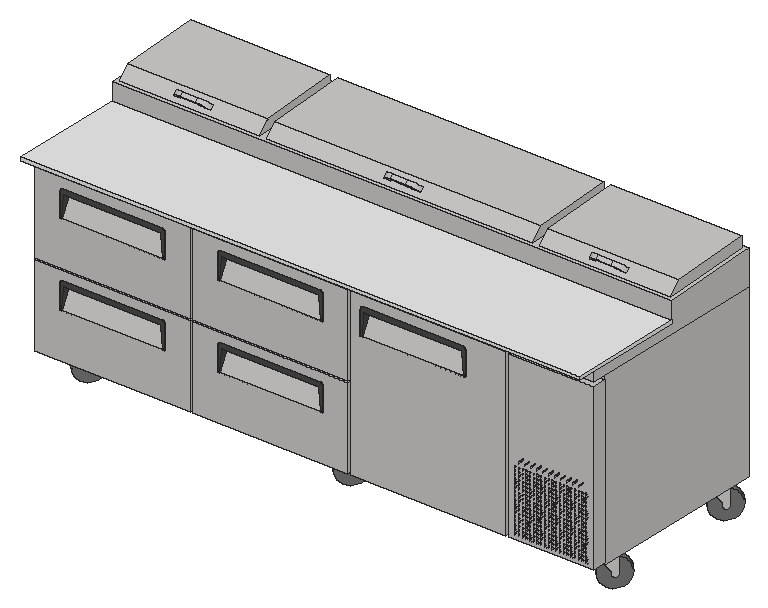
Revit family "QF_Turbo Air_TPR-93SD-D4", category Specialty Equipment, Revit 2012 (continued)
Automatic sketch dimensions
  plane 28 "Handle Center Right Lid" to Extrusion 6 sketch curve = 0' - 0 1/16"  (x17)
  plane 28 "Handle Center Right Lid" to Extrusion 6 sketch curve = 0' - 0.12056"
  plane 28 "Handle Center Right Lid" to Extrusion 6 sketch curve = 0' - 0.82767"
  Extrusion 6 sketch curve to Extrusion 6 sketch curve = 0' - 0.11612"  (x9)
  Extrusion 6 sketch curve to Extrusion 6 sketch curve = 0' - 0.82322"  (x9)
  Extrusion 6 sketch curve to plane 20 "Right of Right Lid" = 0' - 0 1/4"  (x17)
  plane 16 "Bottom of Door" to Extrusion 6 sketch curve = 0' - 0 5/8"  (x2)
  Extrusion 6 sketch curve to Extrusion 6 sketch curve = 0' - 0.55806"  (x11)
  Extrusion 6 sketch curve to Extrusion 6 sketch curve = 0' - 0.53033"  (x10)
  Extrusion 12 sketch curve to Extrusion 12 sketch curve = 0' - 0"
  Extrusion 12 sketch curve to Extrusion 12 sketch curve = 0' - 0.6"
  Extrusion 12 sketch curve to Extrusion 12 sketch curve = 0' - 0 1/2"
  Extrusion 13 sketch curve to plane 24 "Right of Right Door" = 0' - 0"
  plane 8 "Left of Compressor" to Extrusion 13 sketch curve = 0' - 0 1/2"
  Extrusion 13 sketch curve to Extrusion 13 sketch curve = 0' - 0 1/2"  (x3)
  Extrusion 13 sketch curve to Extrusion 13 sketch curve = 0' - 0 3/4"
  plane 28 "Handle Center Right Lid" to Extrusion 13 sketch curve = 0' - 1 1/4"
  Extrusion 13 sketch curve to Extrusion 13 sketch curve = 0' - 0 1/4"
  Extrusion 13 sketch curve to Extrusion 13 sketch curve = 0' - 1"
  Extrusion 13 sketch curve to Extrusion 13 sketch curve = 0' - 0"
  Extrusion 13 sketch curve to Extrusion 13 sketch curve = 0' - 0.6"
  Extrusion 14 sketch curve to plane 11 "TOP" = 0' - 0"
  Extrusion 14 sketch curve to plane 7 "Front of Pans" = 0' - 0.71732"
  Extrusion 14 sketch curve to plane 23 "Handle Center FB" = 0' - 0.80381"
  plane 1 "BACK" to Extrusion 14 sketch curve = 0' - 0.54382"
  plane 22 "Handle Elevation" to Extrusion 14 sketch curve = 0' - 0.01689"
  plane 1 "BACK" to Extrusion 14 sketch curve = 0' - 0.43665"
  Extrusion 15 sketch curve to plane 7 "Front of Pans" = 0' - 0.71732"
  Extrusion 15 sketch curve to plane 12 "Door Clearance" = 0' - 1.14422"
  Extrusion 15 sketch curve to plane 23 "Handle Center FB" = 0' - 5.17831"
  Extrusion 15 sketch curve to plane 12 "Door Clearance" = 0' - 1.50017"
  Extrusion 15 sketch curve to Extrusion 15 sketch curve = 0' - 2.4036"
  plane 22 "Handle Elevation" to Extrusion 15 sketch curve = 0' - 0.07691"
  plane 22 "Handle Elevation" to Extrusion 15 sketch curve = 0' - 0.01689"
  plane 17 "Back Stops" to Extrusion 15 sketch curve = 0' - 0.05688"
  Extrusion 16 sketch curve to plane 21 "Handle Center of Left Lid" = 0' - 3"
  Extrusion 16 sketch curve to Extrusion 16 sketch curve = 0' - 1"  (x2)
  Extrusion 16 sketch curve to Extrusion 16 sketch curve = 0' - 0 1/2"  (x3)
  Extrusion 16 sketch curve to Extrusion 16 sketch curve = 0' - 0 3/4"
  plane 21 "Handle Center of Left Lid" to Extrusion 16 sketch curve = 0' - 1 1/4"
  Extrusion 16 sketch curve to Extrusion 16 sketch curve = 0' - 0 1/4"
  Extrusion 16 sketch curve to Extrusion 16 sketch curve = 0' - 0"
  Extrusion 16 sketch curve to Extrusion 16 sketch curve = 0' - 0.6"
  Extrusion 17 sketch curve to plane 11 "TOP" = 0' - 0"
  Extrusion 17 sketch curve to plane 7 "Front of Pans" = 0' - 0.71732"
  Extrusion 17 sketch curve to plane 23 "Handle Center FB" = 0' - 0.80381"
  Extrusion 17 sketch curve to plane 12 "Door Clearance" = 0' - 1.14422"
  Extrusion 17 sketch curve to plane 23 "Handle Center FB" = 0' - 5.17831"
  Extrusion 17 sketch curve to plane 12 "Door Clearance" = 0' - 1.50017"
  Extrusion 17 sketch curve to Extrusion 17 sketch curve = 0' - 2.4036"
  plane 22 "Handle Elevation" to Extrusion 17 sketch curve = 0' - 0.07691"
  plane 1 "BACK" to Extrusion 17 sketch curve = 0' - 0.5658"
  plane 1 "BACK" to Extrusion 17 sketch curve = 0' - 0.54382"
  plane 22 "Handle Elevation" to Extrusion 17 sketch curve = 0' - 0.01689"
  Extrusion 17 sketch curve to Extrusion 17 sketch curve = 0' - 0.12915"
  plane 17 "Back Stops" to Extrusion 17 sketch curve = 0' - 0.05688"
  Extrusion 18 sketch curve to plane 11 "TOP" = 0' - 0"
  Extrusion 18 sketch curve to plane 7 "Front of Pans" = 0' - 0.71732"
  Extrusion 18 sketch curve to plane 23 "Handle Center FB" = 0' - 0.80381"
  plane 1 "BACK" to Extrusion 18 sketch curve = 0' - 0.54382"
  plane 22 "Handle Elevation" to Extrusion 18 sketch curve = 0' - 0.01689"
  plane 1 "BACK" to Extrusion 18 sketch curve = 0' - 0.43665"
  Extrusion 19 sketch curve to plane 31 "Handle Center Middle Lid" = 0' - 3"
  Extrusion 19 sketch curve to Extrusion 19 sketch curve = 0' - 1"  (x2)
  Extrusion 19 sketch curve to Extrusion 19 sketch curve = 0' - 0 1/2"  (x3)
  Extrusion 19 sketch curve to Extrusion 19 sketch curve = 0' - 0 3/4"
  plane 31 "Handle Center Middle Lid" to Extrusion 19 sketch curve = 0' - 1 1/4"
  Extrusion 19 sketch curve to Extrusion 19 sketch curve = 0' - 0 1/4"
  Extrusion 19 sketch curve to Extrusion 19 sketch curve = 0' - 0"
  Extrusion 19 sketch curve to Extrusion 19 sketch curve = 0' - 0.6"
  Extrusion 20 sketch curve to plane 31 "Handle Center Middle Lid" = 0' - 3"
  Extrusion 20 sketch curve to Extrusion 20 sketch curve = 0' - 1"  (x2)
  Extrusion 20 sketch curve to Extrusion 20 sketch curve = 0' - 0 1/2"  (x3)
  Extrusion 20 sketch curve to Extrusion 20 sketch curve = 0' - 0 3/4"
  plane 31 "Handle Center Middle Lid" to Extrusion 20 sketch curve = 0' - 1 1/4"
  Extrusion 20 sketch curve to Extrusion 20 sketch curve = 0' - 0 1/4"
  Extrusion 20 sketch curve to Extrusion 20 sketch curve = 0' - 0"
  Extrusion 20 sketch curve to Extrusion 20 sketch curve = 0' - 0.6"
  Extrusion 21 sketch curve to plane 11 "TOP" = 0' - 0"
  Extrusion 21 sketch curve to plane 7 "Front of Pans" = 0' - 0.71732"
  Extrusion 21 sketch curve to plane 23 "Handle Center FB" = 0' - 0.80381"
  Extrusion 21 sketch curve to plane 12 "Door Clearance" = 0' - 1.14422"
  Extrusion 21 sketch curve to plane 23 "Handle Center FB" = 0' - 5.17831"
  Extrusion 21 sketch curve to plane 12 "Door Clearance" = 0' - 1.50017"
  Extrusion 21 sketch curve to Extrusion 21 sketch curve = 0' - 2.4036"
  plane 22 "Handle Elevation" to Extrusion 21 sketch curve = 0' - 0.07691"
  plane 1 "BACK" to Extrusion 21 sketch curve = 0' - 0.5658"
  plane 1 "BACK" to Extrusion 21 sketch curve = 0' - 0.54382"
  plane 22 "Handle Elevation" to Extrusion 21 sketch curve = 0' - 0.01689"
  Extrusion 21 sketch curve to Extrusion 21 sketch curve = 0' - 0.12915"
  plane 17 "Back Stops" to Extrusion 21 sketch curve = 0' - 0.05688"
  radius of Extrusion 9 sketch curve = 0' - 0 5/8"  (x2)
  radius of Extrusion 10 sketch curve = 0' - 0 1/4"
Nested families (in)
  nested 1: "FESCasterLeg" at (-17.97594, -3.1875, 0), Legs <- "Legs", Casters <- "Casters", Height <- "CasterLeg Height", type "FESCasterLeg"
    with Legs no, Height 0' - 5 7/8", Casters yes, Caster Radius 0' - 2 7/16"
  nested 2: "FESCasterLeg" at (-17.97594, -26.375, 0), Legs <- "Legs", Casters <- "Casters", Height <- "CasterLeg Height", type "FESCasterLeg"
    with Legs no, Height 0' - 5 7/8", Casters yes, Caster Radius 0' - 2 7/16"
  nested 3: "FESCasterLeg" at (69.77406, -3.1875, 0), Legs <- "Legs", Casters <- "Casters", Height <- "CasterLeg Height", type "FESCasterLeg"
    with Legs no, Height 0' - 5 7/8", Casters yes, Caster Radius 0' - 2 7/16"
  nested 4: "FESCasterLeg" at (69.77406, -26.375, 0), Legs <- "Legs", Casters <- "Casters", Height <- "CasterLeg Height", type "FESCasterLeg"
    with Legs no, Height 0' - 5 7/8", Casters yes, Caster Radius 0' - 2 7/16"
  nested 5: "QF_Turbo Air_TBL_Door-1" at (42.78489, -30.4375, 6.125) x (-1, 0, 0) z (0, 0, 1), type "QF_Turbo Air_TBL_Door-1"
    with Width 2' - 2", Symbolic Lines no, Height 2' - 3 7/16", Handle Width 1' - 5 5/8", Depth 0' - 1 13/16"
  nested 6: "FESCasterLeg" at (25.89906, -3.1875, 0), Legs <- "Legs", Casters <- "Casters", Height <- "CasterLeg Height", type "FESCasterLeg"
    with Legs no, Height 0' - 5 7/8", Casters yes, Caster Radius 0' - 2 7/16"
  nested 7: "FESCasterLeg" at (25.89906, -26.375, 0), Legs <- "Legs", Casters <- "Casters", Height <- "CasterLeg Height", type "FESCasterLeg"
    with Legs no, Height 0' - 5 7/8", Casters yes, Caster Radius 0' - 2 7/16"
  nested 8: "QF_Turbo Air_TBL_Drawer" at (-5.61177, -30.4375, 6.125), type "QF_Turbo Air_TBL_Drawer"
    with Width 2' - 2", Symbolic Lines no, Height 2' - 3 7/16", Depth 0' - 1 13/16"
  nested 9: "QF_Turbo Air_TBL_Drawer" at (20.76323, -30.4375, 6.125), type "QF_Turbo Air_TBL_Drawer"
    with Width 2' - 2", Symbolic Lines no, Height 2' - 3 7/16", Depth 0' - 1 13/16"
Connectors (in)
  electrical at (65.52406, 0.0625, 12), driven by "Number of Poles", driven by "Volts", driven by "Apparent Power"
    settings: on Extrusion 10, index 1, voltage 115 V, apparent load 1265 VA, apparent load phase1 0 VA, apparent load phase2 0 VA, apparent load phase3 0 VA, power factor 1, load classification "Other", number of poles 1, system type 30, power factor state 1, is connector primary yes, connector utility no, sub classification motor no, connector description "Electric"
Definition of nested family "FESCasterLeg"
  Parameters (values of type "FESCasterLeg")
    Watermarked By = "http://revitwatermark.com"
    Type Comments = "⍁⍉⌁⌀⏭⎽⌇⍠⌜⍉⎖⌥⌦⌯⍭⏊⍻⍿⍊⏵⍊⏗⏠⍴⎡⌈⎀⍠⌓⌤⏘⎐⍀⌐⏬⏁⎈⏍⏦⎒⏬⌝⍩⍇⌣〈⎫〉⎁⏊⍥⍖⍥⍝⍦⌖⍀⏌⏭⎝⎼⏷⏞⍻⏯⎽⏷⏞⍻⏯⎽⏷⎺⌻⎝⍎⌧⏷⏟⏿⌿⍜⍦⍤⌁⍬⏶⏎⍊⏚⏉⎞⌡⎀⎪⏈⌟⌿⍾⍼⌟⌿⌢⌞⏜⏝⎽⍷⍷⍯⍧⍷⌯⍽⏸⏨⏾⏎⌣⏺⍹⏼⏅⎏⌽⎫⎪⍙⎓⏗⎗⏅⌴⍏⍏⍿⏑⎺⍘⌭⏲⍥⎛⎾⎾⍞⍌⎪⎲⌙⎥⏏⎟⎟⏼⏘⎏⎝⏧⏍⏁⍏⍧⏯⏾⌟"
    Legs [instance] = yes
    Height [instance] = 0' - 6"
    Caster Radius [instance] = if(Height < 0' 3", 0' 1", (Height / 2) - 0' 0 1/2")  # 0' - 2 1/2"
    Casters [instance] = yes
    Assembly Code = ""
  Reference planes (in)
    plane 1 "Center (Front/Back)": y = 0
    plane 2: z = 0
    plane 3 "Center (Left/Right)": x = 0
    plane 4: z = 6
    plane 5: z = 5.5
  Forms (in)
    Extrusion 1, solid, material "QF_Finishes_Stainless Steel", visible <- "Casters"
      sketch origin (-24.12131, -22.88887, 10.18833) x (0.707107, 0.707107, 0) y (0, 0, 1)
        loop
          line (34.98772, -7.68833) -> (34.98772, -4.93833) -> (34.48772, -4.93833) -> (34.39402, -4.68833) -> (32.39402, -4.68833) -> (32.39402, -5.43833) -> (33.98772, -7.34206) -> (33.98772, -7.68833)
          arc (33.98772, -7.68833) -> (34.48772, -8.18833) -> (34.98772, -7.68833) r 0.5
      from 0 to 1.75
    Extrusion 2, solid, material "QF_Finishes_Rubber Black", visible <- "Casters"
      sketch origin (-24.32327, -23.09083, 13.31461) x (0.707107, 0.707107, 0) y (0, 0, 1)
        loop
          circle (34.77334, -10.81461) r 2.5
      from 0.375 to 1.375
    Extrusion 3, solid, material "QF_Finishes_Stainless Steel", visible <- "Casters"
      sketch origin (-7.24148, -8.48391, 0) x (0.707107, 0.707107, 0) y (0, 0, 1)
        loop
          line (10.61603, 5.5) -> (11.61603, 5.5) -> (11.61603, 6) -> (10.61603, 6) -> (10.61603, 5.5)
      from 0 to -1.75
    Blend 4, solid, material "QF_Finishes_Stainless Steel", visible <- "Legs"
      base sketch origin (0, 0, 0) x (1, 0, 0) y (0, 1, 0)
        loop
          circle (0, 0) r 0.5
      top sketch origin (0, 0, 0) x (1, 0, 0) y (0, 1, 0)
        loop
          circle (0, 0) r 1
      from 0 to 6 <- "Height"
  Lines and regions (in)
    symbolic lines, style "QF_Hidden Details", visible <- "Casters", built-in parameter 1006206 <- "Casters"
      curve 1: line (-1.26158, -0.51911, 0) -> (1.39007, 2.13254, 0)
      curve 2: line (-0.53429, -1.24639, 0) -> (2.11736, 1.40526, 0)
    symbolic lines, style "QF_Hidden Details", built-in parameter 1006206 <- "Casters", visible <- "Casters"
      curve 3: line (-1.26158, -0.51911, 0) -> (1.39007, 2.13254, 0)
      curve 4: line (-0.53429, -1.24639, 0) -> (2.11736, 1.40526, 0)
  Dimensions and locks (in)
    locked: plane 4 to plane 5 at 0.5
    "Height": plane 4 to level
    "Caster Radius": Extrusion 2 sketch curve to level
    "Caster Radius": Extrusion 1 sketch curve to level
    "Caster Radius": radius of Extrusion 2 sketch curve
    aligned and locked: plane 2 to level
    aligned: Blend 4 to Extrusion 3
    aligned and locked: plane 4 to Blend 4
    aligned and locked: Extrusion 3 to plane 5
    aligned and locked: plane 4 to Extrusion 3
    aligned and locked: plane 5 to Extrusion 1
  Automatic sketch dimensions
    plane 1 "Center (Front/Back)" to curve 3 = 0' - 0.51911"
    curve 3 to plane 3 "Center (Left/Right)" = 0' - 1.26158"
    plane 1 "Center (Front/Back)" to curve 1 = 0' - 0.51911"
    curve 1 to curve 3 = 0' - 0"  (x3)
    curve 4 to plane 3 "Center (Left/Right)" = 0' - 0.53429"
    curve 2 to curve 4 = 0' - 0"  (x2)
    plane 3 "Center (Left/Right)" to curve 3 = 0' - 1.39007"
    curve 1 to curve 4 = 0' - 0.72729"
    curve 2 to curve 1 = 0' - 0.72729"
    curve 4 to curve 2 = 0' - 0"  (x2)
    curve 2 to plane 1 "Center (Front/Back)" = 0' - 1.40526"
    curve 2 to curve 3 = 0' - 0.72729"
    plane 5 to Extrusion 1 sketch curve = 0' - 0"
    Extrusion 1 sketch curve to Extrusion 1 sketch curve = 0' - 1.5937"
    Extrusion 1 sketch curve to Extrusion 1 sketch curve = 0' - 2"
    Extrusion 1 sketch curve to Extrusion 1 sketch curve = 0' - 0.0937"
    Extrusion 1 sketch curve to Extrusion 1 sketch curve = 0' - 0 1/2"
    Extrusion 1 sketch curve to Extrusion 1 sketch curve = 0' - 0.34627"
    Extrusion 1 sketch curve to plane 5 = 0' - 0 3/4"
    Extrusion 1 sketch curve to plane 5 = 0' - 0 1/4"
    Extrusion 3 sketch curve to plane 5 = 0' - 0"
    plane 4 to Extrusion 3 sketch curve = 0' - 0"
    Extrusion 3 sketch curve to Extrusion 3 sketch curve = 0' - 1"
    plane 1 "Center (Front/Back)" to Blend 4 sketch curve = 0' - 0"  (x2)
    Blend 4 sketch curve to plane 3 "Center (Left/Right)" = 0' - 0"  (x2)
    radius of Blend 4 sketch curve = 0' - 0 1/2"
    radius of Blend 4 sketch curve = 0' - 1"
Definition of nested family "QF_Turbo Air_TBL_Door-1"
  Parameters (values of type "QF_Turbo Air_TBL_Door-1")
    Width [instance] = 2' - 5 5/16"
    Watermarked By = "http://revitwatermark.com"
    Symbolic Lines [instance] = yes
    Manufacturer = "Turbo Air"  # constant formula
    Height [instance] = 2' - 3 7/16"
    Handle Width [instance] = 1' - 5 5/8"
    Depth [instance] = 0' - 1 13/16"
  Reference planes (in)
    plane 1 "BACK": y = 0
    plane 2: z = 0
    plane 3 "LEFT": x = -15.17667
    plane 4: x = 14.13583
    plane 5 "FRONT": y = -1.8125
    plane 6: z = 27.4375
    plane 7 "Right of Handle": x = 12.51083
    plane 8 "Left of Handle": x = -5.11417
  Forms (in)
    Extrusion 1, solid, material "QF_Finishes_Black"
      sketch origin (-31.11417, 0, 15.01083) x (0, 0, -1) y (1, 0, 0)
        loop
          arc (-10.23917, 43.625) -> (-10.63691, 43.46025) -> (-10.80167, 43.0625) r 0.5625
          line (-10.80167, 43.0625) -> (-10.80167, 26.5625)
          arc (-10.80167, 26.5625) -> (-10.63691, 26.16475) -> (-10.23917, 26) r 0.5625
          line (-10.23917, 26) -> (-6.30167, 26) -> (-6.30167, 26.34375) -> (-9.98917, 26.66636) -> (-9.98917, 42.95864) -> (-6.30167, 43.28125) -> (-6.30167, 43.625) -> (-10.23917, 43.625)
      from 0 to 1.8125
    Extrusion 2, solid, material "QF_Finishes_Stainless Steel"
      sketch origin (-5.14542, 0, 15.01083) x (0, 1, 0) y (0, 0, 1)
        loop
          line (-1.8125, 6.30167) -> (0, 6.30167) -> (0, 9.98917) -> (-0.47036, 9.98917) -> (-1.8125, 6.30167)
      from 0.375 to 17.3125
    Extrusion 3, solid, material "QF_Finishes_Stainless Steel"
      sketch origin (0, 0, 0) x (1, 0, 0) y (0, 0, 1)
        loop
          line (-15.17667, 27.4375) -> (-15.17667, 0) -> (14.13583, 0) -> (14.13583, 27.4375) -> (-15.17667, 27.4375)
        loop
          arc (-4.55167, 25.8125) -> (-4.94941, 25.64775) -> (-5.11417, 25.25) r 0.5625
          line (-5.11417, 25.25) -> (-5.11417, 21.3125) -> (12.51083, 21.3125) -> (12.51083, 25.25)
          arc (12.51083, 25.25) -> (12.34608, 25.64775) -> (11.94833, 25.8125) r 0.5625
          line (11.94833, 25.8125) -> (-4.55167, 25.8125)
      from 0 to 1.8125
  Lines and regions (in)
    symbolic lines, visible <- "Symbolic Lines"
      curve 1: line (-15.17667, 0, 25.96875) -> (14.13583, 0, 25.96875)
      curve 2: line (-15.17667, -1.8125, 25.96875) -> (-15.17667, 0, 25.96875)
      curve 3: line (14.13583, -1.8125, 25.96875) -> (-15.17667, -1.8125, 25.96875)
      curve 4: line (14.13583, 0, 25.96875) -> (14.13583, -1.8125, 25.96875)
  Dimensions and locks (in)
    "Width": plane 4 to plane 3 "LEFT"
    "Depth": plane 5 "FRONT" to plane 1 "BACK"
    "Height": plane 6 to plane 2
    locked: Extrusion 3 sketch curve to Extrusion 3 sketch curve at 4.5
    locked: plane 6 to Extrusion 3 sketch curve at 1.625
    locked: plane 6 to Extrusion 1 sketch curve at 1.625
    locked: Extrusion 1 sketch curve to Extrusion 1 sketch curve at 0.8125
    locked: Extrusion 1 sketch curve to Extrusion 1 sketch curve at 4.5  (x2)
    locked: plane 6 to Extrusion 2 sketch curve at 2.4375
    locked: Extrusion 2 sketch curve to Extrusion 2 sketch curve at 3.6875
    locked: Extrusion 2 sketch curve to plane 5 "FRONT" at 1.34214
    locked: plane 7 "Right of Handle" to plane 4 at 1.625
    "Handle Width": plane 8 "Left of Handle" to plane 7 "Right of Handle"
    locked: Extrusion 1 sketch curve to plane 8 "Left of Handle" at 0.34375
    locked: Extrusion 1 sketch curve to plane 8 "Left of Handle" at 0.66636
    locked: Extrusion 1 sketch curve to plane 8 "Left of Handle" at 0.5625
    locked: plane 7 "Right of Handle" to Extrusion 1 sketch curve at 0.34375
    locked: plane 7 "Right of Handle" to Extrusion 1 sketch curve at 0.66636
    locked: plane 7 "Right of Handle" to Extrusion 1 sketch curve at 0.5625
    locked: plane 8 "Left of Handle" to Extrusion 2 at 0.34375
    locked: plane 7 "Right of Handle" to Extrusion 2 at 0.34375
    aligned and locked: level to plane 2
    aligned and locked: Extrusion 3 sketch curve to plane 6
    aligned and locked: plane 3 "LEFT" to Extrusion 3 sketch curve
    aligned and locked: level to Extrusion 3 sketch curve
    aligned and locked: Extrusion 3 sketch curve to plane 4
    aligned and locked: plane 5 "FRONT" to Extrusion 3
    aligned and locked: Extrusion 2 sketch curve to plane 1 "BACK"
    aligned and locked: plane 1 "BACK" to curve 1
    aligned and locked: plane 3 "LEFT" to curve 2
    aligned and locked: curve 3 to plane 5 "FRONT"
    aligned and locked: curve 4 to plane 4
    aligned and locked: Extrusion 3 sketch curve to plane 7 "Right of Handle"
    aligned and locked: Extrusion 3 sketch curve to plane 8 "Left of Handle"
    aligned and locked: Extrusion 1 sketch curve to plane 7 "Right of Handle"
    aligned and locked: plane 8 "Left of Handle" to Extrusion 1 sketch curve
  Automatic sketch dimensions
    Extrusion 3 sketch curve to Extrusion 3 sketch curve = 0' - 0 9/16"  (x2)
    Extrusion 2 sketch curve to plane 5 "FRONT" = 0' - 0"
Definition of nested family "QF_Turbo Air_TBL_Drawer"
  Parameters (values of type "QF_Turbo Air_TBL_Drawer")
    Width [instance] = 2' - 5 5/16"
    Watermarked By = "http://revitwatermark.com"
    Symbolic Lines [instance] = yes
    Manufacturer = "Turbo Air"  # constant formula
    Height [instance] = 2' - 3 7/16"
    Depth [instance] = 0' - 1 13/16"
  Reference planes (in)
    plane 1 "BACK": y = 0
    plane 2: z = 0
    plane 3 "LEFT": x = -15.17667
    plane 4: x = 14.13583
    plane 5 "FRONT": y = -1.8125
    plane 6: z = 27.4375
    plane 7 "Handle Center": x = -0.52042
    plane 8 "Door Center": z = 13.71875
  Forms (in)
    Extrusion 1, solid, material "QF_Finishes_Black"
      sketch origin (-31.11417, 0, 15.01083) x (0, 0, -1) y (1, 0, 0)
        loop
          arc (-10.23917, 39.40625) -> (-10.63691, 39.2415) -> (-10.80167, 38.84375) r 0.5625
          line (-10.80167, 38.84375) -> (-10.80167, 22.34375)
          arc (-10.80167, 22.34375) -> (-10.63691, 21.946) -> (-10.23917, 21.78125) r 0.5625
          line (-10.23917, 21.78125) -> (-6.30167, 21.78125) -> (-6.30167, 22.125) -> (-9.98917, 22.44761) -> (-9.98917, 38.73989) -> (-6.30167, 39.0625) -> (-6.30167, 39.40625) -> (-10.23917, 39.40625)
        loop
          line (7.41708, 21.78125) -> (7.41708, 22.125) -> (3.72958, 22.44761) -> (3.72958, 38.73989) -> (7.41708, 39.0625) -> (7.41708, 39.40625) -> (3.47958, 39.40625)
          arc (3.47958, 39.40625) -> (3.08184, 39.2415) -> (2.91708, 38.84375) r 0.5625
          line (2.91708, 38.84375) -> (2.91708, 22.34375)
          arc (2.91708, 22.34375) -> (3.08184, 21.946) -> (3.47958, 21.78125) r 0.5625
          line (3.47958, 21.78125) -> (7.41708, 21.78125)
      from 0 to 1.8125
    Extrusion 2, solid, material "QF_Finishes_Stainless Steel"
      sketch origin (-9.36417, 0, 15.01083) x (0, 1, 0) y (0, 0, 1)
        loop
          line (-1.8125, 6.30167) -> (0, 6.30167) -> (0, 9.98917) -> (-0.47036, 9.98917) -> (-1.8125, 6.30167)
        loop
          line (-1.8125, -7.41708) -> (0, -7.41708) -> (0, -3.72958) -> (-0.47036, -3.72958) -> (-1.8125, -7.41708)
      from 0.375 to 17.3125
    Extrusion 3, solid, material "QF_Finishes_Stainless Steel"
      sketch origin (0, 0, 0) x (1, 0, 0) y (0, 0, 1)
        loop
          line (-15.17667, 27.4375) -> (-15.17667, 13.84375) -> (14.13583, 13.84375) -> (14.13583, 27.4375) -> (-15.17667, 27.4375)
        loop
          line (-15.17667, 0) -> (14.13583, 0) -> (14.13583, 13.59375) -> (-15.17667, 13.59375) -> (-15.17667, 0)
        loop
          arc (-8.77042, 25.8125) -> (-9.16816, 25.64775) -> (-9.33292, 25.25) r 0.5625
          line (-9.33292, 25.25) -> (-9.33292, 21.3125) -> (8.29208, 21.3125) -> (8.29208, 25.25)
          arc (8.29208, 25.25) -> (8.12733, 25.64775) -> (7.72958, 25.8125) r 0.5625
          line (7.72958, 25.8125) -> (-8.77042, 25.8125)
        loop
          arc (-8.77042, 12.09375) -> (-9.16816, 11.929) -> (-9.33292, 11.53125) r 0.5625
          line (-9.33292, 11.53125) -> (-9.33292, 7.59375) -> (8.29208, 7.59375) -> (8.29208, 11.53125)
          arc (8.29208, 11.53125) -> (8.12733, 11.929) -> (7.72958, 12.09375) r 0.5625
          line (7.72958, 12.09375) -> (-8.77042, 12.09375)
      from 0 to 1.8125
  Lines and regions (in)
    symbolic lines, visible <- "Symbolic Lines"
      curve 1: line (-15.17667, 0, 25.96875) -> (14.13583, 0, 25.96875)
      curve 2: line (-15.17667, -1.8125, 25.96875) -> (-15.17667, 0, 25.96875)
      curve 3: line (14.13583, -1.8125, 25.96875) -> (-15.17667, -1.8125, 25.96875)
      curve 4: line (14.13583, 0, 25.96875) -> (14.13583, -1.8125, 25.96875)
  Dimensions and locks (in)
    "Width": plane 4 to plane 3 "LEFT"
    "Depth": plane 5 "FRONT" to plane 1 "BACK"
    "Height": plane 6 to plane 2
    locked: Extrusion 3 sketch curve to Extrusion 3 sketch curve at 4.5  (x2)
    locked: plane 6 to Extrusion 3 sketch curve at 1.625
    locked: plane 6 to Extrusion 1 sketch curve at 1.625
    locked: Extrusion 1 sketch curve to Extrusion 1 sketch curve at 0.8125  (x2)
    locked: Extrusion 1 sketch curve to Extrusion 1 sketch curve at 4.5  (x4)
    locked: Extrusion 1 sketch curve to Extrusion 1 sketch curve at 0.66636  (x4)
    locked: plane 6 to Extrusion 2 sketch curve at 2.4375
    locked: Extrusion 2 sketch curve to Extrusion 2 sketch curve at 3.6875  (x2)
    locked: Extrusion 2 sketch curve to plane 5 "FRONT" at 1.34214  (x2)
    equal spacing: plane 3 "LEFT", plane 7 "Handle Center", plane 4
    equal spacing: plane 6, plane 8 "Door Center", level
    Extrusion 3 sketch curve to plane 8 "Door Center" to Extrusion 3 sketch curve = 0' - 0 1/8" locked, 0' - 0 1/8" locked
    Extrusion 3 sketch curve to plane 7 "Handle Center" to Extrusion 3 sketch curve = 0' - 8 13/16" locked, 0' - 8 13/16" locked  (x2)
    locked: plane 8 "Door Center" to Extrusion 3 sketch curve at 1.625
    Extrusion 1 sketch curve to plane 7 "Handle Center" to Extrusion 1 sketch curve = 0' - 8 13/16" locked, 0' - 8 13/16" locked  (x2)
    Extrusion 2 to plane 7 "Handle Center" to Extrusion 2 = 0' - 8 15/32" locked, 0' - 8 15/32" locked
    locked: plane 8 "Door Center" to Extrusion 1 sketch curve at 1.625
    locked: plane 8 "Door Center" to Extrusion 2 sketch curve at 2.4375
    aligned and locked: level to plane 2
    aligned and locked: Extrusion 3 sketch curve to plane 6
    aligned and locked: plane 3 "LEFT" to Extrusion 3 sketch curve  (x2)
    aligned and locked: level to Extrusion 3 sketch curve
    aligned and locked: Extrusion 3 sketch curve to plane 4  (x2)
    aligned and locked: plane 5 "FRONT" to Extrusion 3
    aligned and locked: Extrusion 2 sketch curve to plane 1 "BACK"  (x2)
    aligned and locked: plane 1 "BACK" to curve 1
    aligned and locked: plane 3 "LEFT" to curve 2
    aligned and locked: curve 3 to plane 5 "FRONT"
    aligned and locked: curve 4 to plane 4
  Automatic sketch dimensions
    Extrusion 1 sketch curve to Extrusion 1 sketch curve = 0' - 0 1/4"  (x4)
    Extrusion 1 sketch curve to Extrusion 1 sketch curve = 0' - 0 11/32"  (x4)
    Extrusion 2 sketch curve to plane 5 "FRONT" = 0' - 0"  (x2)
    Extrusion 3 sketch curve to Extrusion 3 sketch curve = 0' - 0 9/16"  (x4)
